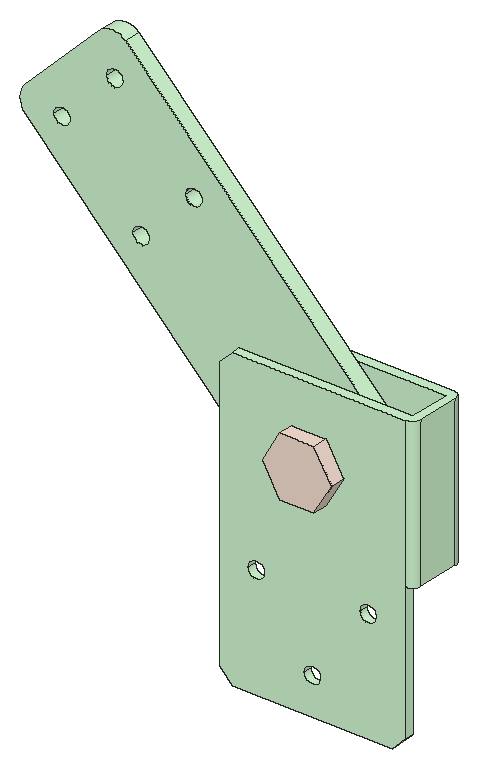
Revit family "brace-kanagu_boshin_left", category 機械設備, Revit 2022
Family settings
  丸型コネクタ寸法 = 直径を使用
  種別 = なし
  パーツ タイプ = 標準
  作業面ベース = いいえ
  常に垂直 = はい
  ロード時にボイドで切り取り = いいえ
  注釈の向きを維持 = いいえ
  共有 = いいえ
  部屋計算ポイント = いいえ
Parameters
  製造元 = "株式会社桐井製作所"
  既定の高さ = 0 mm
  URL = "https://www.kirii.co.jp/"
  K_角度 [instance] = 45.00°
  K_品名 = "防振ブレース金具(左)"
  K_名称 = "防振ブレース下部取付金具"
  K_バージョン情報 = "20211216"
Reference planes
  plane 1 "中心(正面/背面)": y = 0
  plane 2: z = 0
  plane 3 "中心(左/右)": x = 0
  plane 4: z = 60
  plane 5: z = 60
Forms (mm)
  Extrusion 1, solid
    sketch origin (2.3, 0, 80) x (-1, 0, 0) y (0, -1, 0)
      loop
        line (2.3, -5.7) -> (2.3, 5.7) -> (52.3, 5.7) -> (52.3, 8) -> (2.3, 8)
        arc (2.3, 8) -> (0.674, 7.326) -> (0, 5.7) r 2.3
        line (0, 5.7) -> (0, -5.7)
        arc (0, -5.7) -> (0.674, -7.326) -> (2.3, -8) r 2.3
        line (2.3, -8) -> (52.3, -8) -> (52.3, -5.7) -> (2.3, -5.7)
    from -40 to 0
  Extrusion 2, void
    sketch origin (2.3, 0, 80) x (-1, 0, 0) y (0, 0, -1)
      loop
        line (52.3, 3.5) -> (48.8, 0) -> (52.3, 0) -> (52.3, 3.5)
    from 5.7 to 8
  Extrusion 3, void
    sketch origin (2.3, 13.7, 80) x (-1, 0, 0) y (0, 0, -1)
      loop
        line (52.3, 3.5) -> (48.8, 0) -> (52.3, 0) -> (52.3, 3.5)
    from 5.7 to 8
  Extrusion 4, void
    sketch origin (2.3, 0, 80) x (-1, 0, 0) y (0, 0, -1)
      loop
        circle (28.3, 20) r 5
    from -8 to -5.7
  Extrusion 5, void
    sketch origin (2.3, -13.7, 80) x (-1, 0, 0) y (0, 0, -1)
      loop
        circle (28.3, 20) r 5
    from -8 to -5.7
  Extrusion 6, solid
    sketch origin (2.3, 0, 80) x (-1, 0, 0) y (0, -1, 0)
      loop
        line (52.3, 5.7) -> (52.3, 8) -> (2.3, 8) -> (2.3, 5.7) -> (52.3, 5.7)
    from -80 to -40
  Extrusion 7, void
    sketch origin (2.3, 0, 80) x (-1, 0, 0) y (0, 0, -1)
      loop
        line (52.3, 80) -> (48.8, 80) -> (52.3, 76.5) -> (52.3, 80)
      loop
        line (2.3, 80) -> (2.3, 76.5) -> (5.8, 80) -> (2.3, 80)
    from 5.7 to 8
  Extrusion 8, void
    sketch origin (2.3, 0, 80) x (-1, 0, 0) y (0, 0, -1)
      loop
        circle (12.3, 50) r 2.25
      loop
        circle (42.3, 50) r 2.25
      loop
        circle (27.3, 70) r 2.25
    from 5.7 to 8
  Extrusion 9, void
    sketch origin (2.3, 13.7, 40) x (-1, 0, 0) y (0, 0, -1)
      loop
        line (52.3, -3.5) -> (52.3, 0) -> (48.8, 0) -> (52.3, -3.5)
    from 5.7 to 8
Cuts and joins
  Extrusion 2, Extrusion 3, Extrusion 4, Extrusion 5, Extrusion 9 cuts Extrusion 1
  Extrusion 7, Extrusion 8, Extrusion 9 cuts Extrusion 6
  joined: Extrusion 1, Extrusion 6
Dimensions and locks
  aligned and locked: level to plane 2
Nested families
  nested 1: "防振ブレース金具可動部" at (-26, 0, 60) x (-1, 0, 0) z (0, 0, 1), type "防振ブレース金具可動部"
Definition of nested family "防振ブレース金具可動部"
  Parameters (values of type "防振ブレース金具可動部")
    Manufacturer = "株式会社桐井製作所"
    Default Elevation = 0 mm
    URL = "https://www.kirii.co.jp/"
    K_品名 = "防振ブレース金具"
    K_名称 = "ブレース下部取付金具"
    K_バージョン情報 = "20211215"
  Reference planes
    plane 1 "中心(正面/背面)": y = 0
    plane 2: z = 0
    plane 3 "中心(左/右)": x = 0
  Forms (mm)
    Extrusion 1, solid, not visible
      sketch origin (0, 0, 0) x (1, 0, 0) y (0, 1, 0)
        loop
          line (-18.2, -3.2) -> (-18.2, -4.104)
          arc (-18.2, -4.104) -> (-14.101, -8.195) -> (-18.192, -12.295) r 4.096
          line (-18.192, -12.295) -> (-18.192, -13.2) -> (-55.2, -13.2) -> (-55.2, -16.4) -> (-18.2, -16.4)
          arc (-18.2, -16.4) -> (-10, -8.2) -> (-18.2, 0) r 8.2
          line (-18.2, 0) -> (-55.2, 0) -> (-55.2, -3.2) -> (-18.2, -3.2)
      from 0 to 36
    Extrusion 2, void, not visible
      sketch origin (169.414, 0, -254.015) x (1, 0, 0) y (0, 0, 1)
        loop
          line (-224.614, 269.007) -> (-224.614, 254.015) -> (-210.114, 254.015)
          arc (-210.114, 254.015) -> (-220.396, 258.578) -> (-224.614, 269.007) r 15
      from 0 to 17
    Extrusion 3, void, not visible
      sketch origin (1.543, 0, 0) x (1, 0, 0) y (0, 0, 1)
        loop
          circle (-35.2, 18.1) r 8
      from 0 to 17
    Extrusion 4, void, not visible
      sketch origin (0, 0, 0) x (1, 0, 0) y (0, 1, 0)
        loop
          arc (-18.2, -16.4) -> (-10, -8.2) -> (-18.2, 0) r 8.2
          line (-18.2, 0) -> (-18.2, -1.007)
          arc (-18.2, -1.007) -> (-11.001, -8.199) -> (-18.2, -15.392) r 7.193
          line (-18.2, -15.392) -> (-18.2, -16.4)
      from 0 to 2
    Extrusion 5, void, not visible
      sketch origin (0, 0, 21.29) x (1, 0, 0) y (0, 1, 0)
        loop
          arc (-18.2, -16.4) -> (-10, -8.2) -> (-18.2, 0) r 8.2
          line (-18.2, 0) -> (-18.2, -1.007)
          arc (-18.2, -1.007) -> (-11.001, -8.199) -> (-18.2, -15.392) r 7.193
          line (-18.2, -15.392) -> (-18.2, -16.4)
      from 0 to 2
    Extrusion 6, void, not visible
      sketch origin (0, 0, 16.29) x (1, 0, 0) y (0, 1, 0)
        loop
          arc (-18.2, -16.4) -> (-10, -8.2) -> (-18.2, 0) r 8.2
          line (-18.2, 0) -> (-18.2, -16.4)
      from 0 to 5
    Extrusion 7, void, not visible
      sketch origin (169.414, 0, -289.015) x (1, 0, 0) y (0, 0, 1)
        loop
          arc (-224.614, 311.023) -> (-220.396, 321.452) -> (-210.114, 326.015) r 15
          line (-210.114, 326.015) -> (-224.614, 326.015) -> (-224.614, 311.023)
      from 0 to 17
    Extrusion 8, void, not visible
      sketch origin (1.543, 0, -35) x (1, 0, 0) y (0, 0, 1)
        loop
          circle (-35.2, 53.9) r 8
      from 0 to 17
    Extrusion 9, solid, not visible
      sketch origin (0, 0, -71) x (1, 0, 0) y (0, 1, 0)
        loop
          line (-18.2, -3.2) -> (-18.2, -4.104)
          arc (-18.2, -4.104) -> (-14.101, -8.195) -> (-18.192, -12.295) r 4.096
          line (-18.192, -12.295) -> (-18.192, -13.2) -> (-55.2, -13.2) -> (-55.2, -16.4) -> (-18.2, -16.4)
          arc (-18.2, -16.4) -> (-10, -8.2) -> (-18.2, 0) r 8.2
          line (-18.2, 0) -> (-55.2, 0) -> (-55.2, -3.2) -> (-18.2, -3.2)
      from 0 to 36
    Extrusion 10, void, not visible
      sketch origin (0.008, 0, -37) x (1, 0, 0) y (0, 1, 0)
        loop
          arc (-18.2, -16.4) -> (-10, -8.2) -> (-18.2, 0) r 8.2
          line (-18.2, 0) -> (-18.2, -1.007)
          arc (-18.2, -1.007) -> (-11.001, -8.199) -> (-18.2, -15.392) r 7.193
          line (-18.2, -15.392) -> (-18.2, -16.4)
      from 0 to 2
    Extrusion 11, void, not visible
      sketch origin (0.008, 0, -15.71) x (1, 0, 0) y (0, 1, 0)
        loop
          arc (-18.2, -16.4) -> (-10, -8.2) -> (-18.2, 0) r 8.2
          line (-18.2, 0) -> (-18.2, -1.007)
          arc (-18.2, -1.007) -> (-11.001, -8.199) -> (-18.2, -15.392) r 7.193
          line (-18.2, -15.392) -> (-18.2, -16.4)
      from 0 to 2
    Extrusion 12, void, not visible
      sketch origin (0.008, 0, -20.71) x (1, 0, 0) y (0, 1, 0)
        loop
          arc (-18.2, -16.4) -> (-10, -8.2) -> (-18.2, 0) r 8.2
          line (-18.2, 0) -> (-18.2, -16.4)
      from 0 to 5
    Extrusion 13, solid
      sketch origin (0, 0, -0.148) x (1, 0, 0) y (0, 0, 1)
        loop
          line (53.74, 80.759) -> (-13.435, 13.583)
          arc (-13.435, 13.583) -> (-13.435, -13.287) -> (13.435, -13.287) r 19
          line (13.435, -13.287) -> (80.61, 53.889)
          arc (80.61, 53.889) -> (82.075, 57.424) -> (80.61, 60.96) r 5
          line (80.61, 60.96) -> (60.811, 80.759)
          arc (60.811, 80.759) -> (57.276, 82.223) -> (53.74, 80.759) r 5
      from -2.25 to 2.25
    Extrusion 14, void
      sketch origin (0, 0, -0.148) x (1, 0, 0) y (0, 0, 1)
        loop
          circle (56.569, 70.859) r 2.25
        loop
          circle (70.711, 56.717) r 2.25
        loop
          circle (49.497, 35.504) r 2.25
        loop
          circle (35.355, 49.646) r 2.25
      from -2.25 to 2.25
    Extrusion 15, void
      sketch origin (0, 0, -0.148) x (1, 0, 0) y (0, 0, 1)
        loop
          circle (0, 0.148) r 5
      from -2.25 to 2.25
    Extrusion 16, solid
      sketch origin (0, 0, -0.148) x (1, 0, 0) y (0, 0, 1)
        loop
          circle (0, 0.148) r 14
        loop
          circle (0, 0.148) r 5
      from 2.25 to 5.7
    Extrusion 17, solid
      sketch origin (0, 7.95, -0.148) x (1, 0, 0) y (0, 0, 1)
        loop
          circle (0, 0.148) r 14
        loop
          circle (0, 0.148) r 5
      from 2.25 to 5.7
  Cuts and joins
    Extrusion 14, Extrusion 15 cuts Extrusion 13
  Lines and regions (mm)
    reference lines
      curve 1: line (0, 0, 0) -> (70.711, 0, 70.711)
  Dimensions and locks
    aligned and locked: level to plane 2
  Nested families
    nested 1: "M10×25ボルト" at (0, -12, 0) x (-1, 0, 0) z (0, 0, 1), type "M10×25ボルト"
    nested 2: "ナット" at (0, 7.992, 0) x (1, 0, 0) z (0, 1, 0), type "ナット"
  Definition of nested family "M10×25ボルト"
    Parameters (values of type "M10×25ボルト")
      Manufacturer = "株式会社桐井製作所"
      Default Elevation = 0 mm
      URL = "https://www.kirii.co.jp/"
      K_材料規格 = "M10×L25"
      K_品名 = "M10×25ボルト"
      K_名称 = "M10×25ボルト"
      K_備考 = "KIRIIアングルクランプ付属品"
    Reference planes
      plane 1 "中心(正面/背面)": y = 0
      plane 2: z = 0
      plane 3 "中心(左/右)": x = 0
      plane 4: x = 8
      plane 5: x = -8
      plane 6 "正面": y = -4
      plane 7: z = 8
      plane 8: z = -8
    Forms (mm)
      Extrusion 1, solid
        sketch origin (0, 0, 0) x (1, 0, 0) y (0, 0, 1)
          loop
            line (-4.619, 8) -> (-9.238, 0) -> (-4.619, -8) -> (4.619, -8) -> (9.238, 0) -> (4.619, 8) -> (-4.619, 8)
        from 0 to 4
      Extrusion 2, solid
        sketch origin (0, 0, 25.676) x (1, 0, 0) y (0, 0, 1)
          loop
            circle (0, -25.676) r 4.1
        from 4 to 29
    Cuts and joins
      joined: Extrusion 1, Extrusion 2
    Lines and regions (mm)
      model lines
        curve 1: circle (0, 0, 0) r 8 normal (0, -1, 0)
    Dimensions and locks
      aligned and locked: level to plane 2
  Definition of nested family "ナット"
    Parameters (values of type "ナット")
      Default Elevation = 1219.2 mm
    Reference planes
      plane 1 "中心(正面/背面)": y = 0
      plane 2: z = 0
      plane 3 "中心(左/右)": x = 0
    Forms (mm)
      Extrusion 1, solid
        sketch origin (0, 0, 0) x (1, 0, 0) y (0, 1, 0)
          loop
            line (-55, 45) -> (-55, -45.273) -> (55.986, -45.273) -> (55.986, 45) -> (-55, 45)
        from 0 to -304.8
      Revolve 2, solid
        sketch origin (0, 0, 2.36) x (1, 0, 0) y (0, 0, 1)
          loop
            arc (8.083, 4.64) -> (7.781, 5.356) -> (7.057, 5.64) r 1
            line (7.057, 5.64) -> (4.765, 5.64) -> (4.765, -2.36) -> (8.083, -2.36) -> (8.083, 4.64)
          axis (0, 5.64) -> (0, -2.36)
        angle from 0 to 360
      Extrusion 3, void
        sketch origin (0, 0, 0) x (1, 0, 0) y (0, 1, 0)
          loop
            line (8.083, 0) -> (4.041, 7) -> (-4.041, 7) -> (-8.083, 0) -> (-4.041, -7) -> (4.041, -7) -> (8.083, 0)
          loop
            circle (0, 0) r 8.42
        from 0 to 8.277
    Cuts and joins
      Extrusion 3 cuts Revolve 2
    Dimensions and locks
      aligned and locked: plane 2 to Extrusion 1
      aligned and locked: level to Extrusion 1
